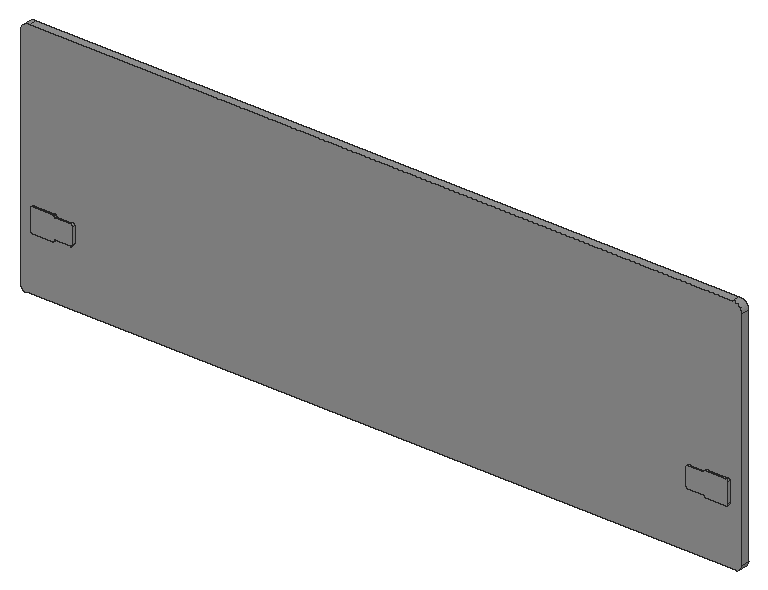
Revit family "Haworth_HATElements_Screen_Frameless_AP_PRELIMINARY", category Furniture, Revit 2019
Family settings
  Work Plane-Based = No
  Always vertical = Yes
  Cut with Voids When Loaded = No
  Shared = No
  Room Calculation Point = No
Parameters (values of type "Screen - Frameless")
  URL - Product = "https://www.haworth.com/ap/en/products/office-desks/hat-elements.html"
  Warranty = "http://www.haworth.com/resources/product-info/warranties"
  URL = "https://www.haworth.com/ap/en.html"
  Standing Kit = not(Hanged Kit)  # no
  Standard Widths = "1200, 1400, 1500, 1600, 1800 mm"  # constant formula
  Size = "Verify Final Dim. w/Haworth"  # constant formula
  Screen Finish [instance] = Haworth _ Fabric _ Undecided _ Screen
  Revision Number = "1"  # constant formula
  Model = "SYELXXXXXX"  # constant formula
  Manufacturer = "Haworth, Inc."  # constant formula
  Hanged Kit = yes
  Fixing Kit Finish = Haworth _ Polymer _ Undecided
  Description = "Haworth - HAT Elements - Screen Frameless"  # constant formula
  Author = "Haworth (Abd Rahman)"  # constant formula
  Actual Width = 1800 mm
  Actual Height = 600 mm
  Actual Depth = 20 mm  # constant formula
Reference planes
  plane 1: y = 0
  plane 2: z = 0
  plane 3 "Center (Left/Right)": x = 0
  plane 4: x = -900
  plane 5: z = 612
  plane 6: x = 900
  plane 7: y = 20
  plane 8: z = 1212
  plane 9: y = 10
  plane 10: x = 870
  plane 11: x = -870
  plane 12: z = 752
  plane 13: z = 542
Forms (mm)
  Extrusion 1, solid, material "Haworth _ Fabric _ Undecided _ Screen" <- "Screen Finish"
    sketch origin (0, 0, -20) x (1, 0, 0) y (0, 0, 1)
      loop
        arc (900, 1209) -> (893.263, 1225.263) -> (877, 1232) r 23
        line (877, 1232) -> (-877, 1232)
        arc (-877, 1232) -> (-893.263, 1225.263) -> (-900, 1209) r 23
        line (-900, 1209) -> (-900, 647)
        arc (-900, 647) -> (-895.607, 636.393) -> (-885, 632) r 15
        line (-885, 632) -> (885, 632)
        arc (885, 632) -> (895.607, 636.393) -> (900, 647) r 15
        line (900, 647) -> (900, 1209)
    from -20 to 0
Lines and regions (mm)
  Masking region 1
    outline origin (0, 0, 0) x (1, 0, 0) y (0, 1, 0)
      loop
        line (-900, 20) -> (-900, 0) -> (900, 0) -> (900, 20) -> (-900, 20)
Dimensions and locks
  equal spacing: plane 4, plane 3 "Center (Left/Right)", plane 6
  "Actual Width": plane 4 to plane 6
  "Actual Depth": plane 7 to plane 1
  equal spacing: plane 7, plane 9, plane 1
  "Actual Height": plane 8 to plane 5  (x2)
  locked: plane 10 to plane 6 at 30
  locked: plane 11 to plane 4 at 30
  nested 1 to nested 1 = 20.5 mm
  locked: plane 12 to plane 5 at 140
  locked: plane 5 to plane 13 at 70  (x2)
  aligned and locked: plane 2 to level
  aligned and locked: nested 1 to plane 9
  aligned and locked: Extrusion 1 to plane 4
  aligned and locked: plane 8 to Extrusion 1
  aligned and locked: plane 6 to Extrusion 1
  aligned and locked: Extrusion 1 to plane 5
  aligned and locked: plane 1 to Extrusion 1
  aligned and locked: plane 7 to Extrusion 1
  aligned and locked: nested 2 to plane 11
  aligned and locked: nested 2 to plane 12
  aligned and locked: nested 1 to plane 11
  aligned and locked: nested 2 to plane 1
  aligned and locked: plane 10 to nested 3
  aligned and locked: plane 10 to nested 4
  aligned and locked: plane 12 to nested 4
  aligned and locked: plane 1 to nested 4
  aligned and locked: plane 13 to nested 3
  aligned and locked: nested 1 to plane 13
  aligned and locked: plane 4 to Masking region 1 sketch curve
  aligned and locked: Masking region 1 sketch curve to plane 7
  aligned and locked: Masking region 1 sketch curve to plane 1
  aligned and locked: Masking region 1 sketch curve to plane 6
Automatic sketch dimensions
  Extrusion 1 sketch curve to plane 4 = 0 mm
  Extrusion 1 sketch curve to plane 8 = 0 mm
  plane 6 to Extrusion 1 sketch curve = 0 mm
  plane 4 to Extrusion 1 sketch curve = 23 mm
  Extrusion 1 sketch curve to Extrusion 1 sketch curve = 15 mm  (x2)
  Extrusion 1 sketch curve to plane 6 = 23 mm
  level to Extrusion 1 sketch curve = 627 mm
Nested families
  nested 1: "Haworth_HATElements_Screen_StandingKit-PART" at (-846.204, 9.75, 200.5), visible <- "Standing Kit", type "Standing Fix Kit"
  nested 2: "Haworth_HATElements_Screen_HangedKit-PART" at (-817.5, -2.75, 410.5), visible <- "Hanged Kit", type "Hanging Fix Kit"
    with Large no
  nested 3: "Haworth_HATElements_Screen_StandingKit-PART" at (846.204, 9.75, 200.5) x (-1, 0, 0) z (0, 0, 1), visible <- "Standing Kit", type "Standing Fix Kit"
  nested 4: "Haworth_HATElements_Screen_HangedKit-PART" at (817.5, -2.75, 410.5) x (-1, 0, 0) z (0, 0, 1), visible <- "Hanged Kit", type "Hanging Fix Kit"
    with Large no
Definition of nested family "Haworth_HATElements_Screen_StandingKit-PART"
  Parameters (values of type "Standing Fix Kit")
    URL - Product = ""
    Warranty = "https://www.haworth.com/resources/product-info/warranties"
    URL = "https://www.haworth.com/eu/en.html"
    Trim Finish = none
    Size = "Verify Final Dim. w/Haworth"  # constant formula
    Revision Number = "1"  # constant formula
    Model = "Haworth - HAT Elements"  # constant formula
    Manufacturer = "Haworth, Inc."  # constant formula
    Description = "Haworth - HAT Elements"  # constant formula
    Author = "Haworth (Abd Rahman)"  # constant formula
    Actual Height = 190 mm  # constant formula
  Reference planes
    plane 1: y = 0.25
    plane 2: z = 0
    plane 3 "Center (Left/Right)": x = 0
    plane 4: y = 55.5
    plane 5: y = -55
    plane 6: x = -23.796
    plane 7: x = 21.204
    plane 8: z = 341.5
    plane 9: z = 531.5
  Forms (mm)
    Extrusion 1, solid, material <- "Trim Finish"
      sketch origin (6839.704, 13500.25, 0) x (0, 1, 0) y (0, 0, 1)
        loop
          arc (-13489.5, 346.5) -> (-13488.035, 342.964) -> (-13484.5, 341.5) r 5
          line (-13484.5, 341.5) -> (-13444.5, 341.5) -> (-13444.5, 346.5) -> (-13484.5, 346.5) -> (-13484.5, 509.495) -> (-13489.5, 509.495) -> (-13489.5, 346.5)
      from -6860.481 to -6820.481
    Extrusion 2, solid, material <- "Trim Finish"
      sketch origin (6839.704, 13500.25, 0) x (1, 0, 0) y (0, 0, 1)
        loop
          arc (-6818.5, 523.953) -> (-6820.857, 529.643) -> (-6826.546, 531.999) r 8.046
          line (-6826.546, 531.999) -> (-6855.316, 531.999)
          arc (-6855.316, 531.999) -> (-6861.103, 529.602) -> (-6863.5, 523.815) r 8.184
          line (-6863.5, 523.815) -> (-6863.5, 400.999) -> (-6818.5, 400.999) -> (-6818.5, 523.953)
      from 13480.6 to 13488
    Extrusion 3, solid, material <- "Trim Finish"
      sketch origin (6839.704, -13499.75, 0) x (0, -1, 0) y (0, 0, -1)
        loop
          line (-13490, -346.5) -> (-13490, -509.495) -> (-13485, -509.495) -> (-13485, -346.5) -> (-13445, -346.5) -> (-13445, -341.5) -> (-13485, -341.5)
          arc (-13485, -341.5) -> (-13488.536, -342.964) -> (-13490, -346.5) r 5
      from -6860.481 to -6820.481
    Extrusion 4, solid, material <- "Trim Finish"
      sketch origin (6839.704, -13499.75, 0) x (1, 0, 0) y (0, 0, -1)
        loop
          line (-6818.5, -523.953) -> (-6818.5, -400.999) -> (-6863.5, -400.999) -> (-6863.5, -523.815)
          arc (-6863.5, -523.815) -> (-6861.103, -529.602) -> (-6855.316, -531.999) r 8.184
          line (-6855.316, -531.999) -> (-6826.546, -531.999)
          arc (-6826.546, -531.999) -> (-6820.857, -529.643) -> (-6818.5, -523.953) r 8.046
      from 13480.6 to 13488
    Extrusion 5, void
      sketch origin (0, 0, 0) x (1, 0, 0) y (0, 1, 0)
        loop
          arc (-16.818, -54.75) -> (-19.618, -53.59) -> (-20.777, -50.791) r 3.959
          line (-20.777, -50.791) -> (-23.239, -50.791) -> (-23.239, -57.863) -> (24.899, -57.863) -> (24.899, -50.791) -> (19.223, -50.791)
          arc (19.223, -50.791) -> (18.063, -53.59) -> (15.264, -54.75) r 3.959
          line (15.264, -54.75) -> (-16.818, -54.75)
      from 299.184 to 388.019
    Extrusion 6, void
      sketch origin (0, 0, 0) x (1, 0, 0) y (0, 1, 0)
        loop
          line (-16.818, 55.751) -> (15.264, 55.751)
          arc (15.264, 55.751) -> (18.063, 54.591) -> (19.223, 51.792) r 3.959
          line (19.223, 51.792) -> (24.899, 51.792) -> (24.899, 58.864) -> (-23.239, 58.864) -> (-23.239, 51.792) -> (-20.777, 51.792)
          arc (-20.777, 51.792) -> (-19.618, 54.591) -> (-16.818, 55.751) r 3.959
      from 326.326 to 368.785
  Cuts and joins
    Extrusion 5 cuts Extrusion 3
    joined: Extrusion 3, Extrusion 4
    Extrusion 6 cuts Extrusion 1
    joined: Extrusion 1, Extrusion 2
  Lines and regions (mm)
    Masking region 1
      outline origin (0, 0, 0) x (1, 0, 0) y (0, 1, 0)
        loop
          line (-20.777, -54.5) -> (19.223, -54.5) -> (19.223, -19.15) -> (21.204, -19.15) -> (21.204, -11.75) -> (19.223, -11.75) -> (19.223, -9.75) -> (-20.777, -9.75) -> (-20.777, -11.75) -> (-23.796, -11.75) -> (-23.796, -19.15) -> (-20.777, -19.15) -> (-20.777, -54.5)
        loop
          line (-20.777, 55.625) -> (-20.777, 20.275) -> (-23.796, 20.275) -> (-23.796, 12.875) -> (-20.777, 12.875) -> (-20.777, 10.875) -> (19.223, 10.875) -> (19.223, 12.875) -> (21.204, 12.875) -> (21.204, 20.275) -> (19.223, 20.275) -> (19.223, 55.625) -> (-20.777, 55.625)
  Dimensions and locks
    equal spacing: plane 4, plane 1, plane 5
    plane 6 to plane 3 "Center (Left/Right)" to plane 7 = 23.796 mm, 21.204 mm
    "Actual Height": plane 9 to plane 8
    aligned and locked: plane 2 to level
  Automatic sketch dimensions
    Extrusion 1 sketch curve to Extrusion 1 sketch curve = 5 mm
    Extrusion 1 sketch curve to Extrusion 1 sketch curve = 0 mm  (x2)
    Extrusion 1 sketch curve to Extrusion 1 sketch curve = 40 mm
    Extrusion 2 sketch curve to Extrusion 2 sketch curve = 8.184 mm
    Extrusion 2 sketch curve to Extrusion 2 sketch curve = 28.769 mm
    Extrusion 2 sketch curve to Extrusion 2 sketch curve = 45 mm
    Extrusion 2 sketch curve to Extrusion 2 sketch curve = 122.816 mm
    Extrusion 3 sketch curve to plane 1 = 55 mm
    Extrusion 3 sketch curve to Extrusion 3 sketch curve = 0 mm  (x2)
    Extrusion 4 sketch curve to Extrusion 4 sketch curve = 8.184 mm
    Extrusion 4 sketch curve to Extrusion 4 sketch curve = 28.769 mm
    Extrusion 4 sketch curve to Extrusion 4 sketch curve = 45 mm
    Extrusion 4 sketch curve to Extrusion 4 sketch curve = 122.954 mm
    Extrusion 1 sketch curve to plane 1 = 10.5 mm
    Extrusion 3 sketch curve to plane 1 = 15 mm
    Extrusion 3 sketch curve to Extrusion 3 sketch curve = 5 mm
    Extrusion 2 sketch curve to plane 3 "Center (Left/Right)" = 23.796 mm
    Extrusion 4 sketch curve to plane 3 "Center (Left/Right)" = 23.796 mm
    Masking region 1 sketch curve to plane 6 = 0 mm  (x2)
    Masking region 1 sketch curve to plane 7 = 0 mm  (x2)
    Masking region 1 sketch curve to plane 6 = 3.019 mm  (x4)
    plane 5 to Masking region 1 sketch curve = 0.5 mm
    Masking region 1 sketch curve to Masking region 1 sketch curve = 1.981 mm  (x2)
    plane 4 to Masking region 1 sketch curve = 0.125 mm
    plane 7 to Masking region 1 sketch curve = 1.981 mm  (x2)
    plane 1 to Masking region 1 sketch curve = 19.4 mm  (x2)
    Masking region 1 sketch curve to Masking region 1 sketch curve = 7.4 mm  (x4)
    Masking region 1 sketch curve to Masking region 1 sketch curve = 2 mm  (x3)
    Masking region 1 sketch curve to plane 1 = 10.625 mm
    Extrusion 5 sketch curve to plane 6 = 0.558 mm
    Extrusion 5 sketch curve to Extrusion 5 sketch curve = 2.461 mm
    plane 5 to Extrusion 5 sketch curve = 0.25 mm
    Extrusion 5 sketch curve to Extrusion 5 sketch curve = 3.959 mm
    plane 7 to Extrusion 5 sketch curve = 5.94 mm
    plane 7 to Extrusion 5 sketch curve = 1.981 mm
    Extrusion 5 sketch curve to plane 7 = 3.695 mm
    Extrusion 5 sketch curve to plane 5 = 2.863 mm
    Extrusion 6 sketch curve to plane 6 = 0.558 mm
    Extrusion 6 sketch curve to Extrusion 6 sketch curve = 2.461 mm
    Extrusion 6 sketch curve to Extrusion 6 sketch curve = 3.959 mm
    plane 7 to Extrusion 6 sketch curve = 5.94 mm
    plane 7 to Extrusion 6 sketch curve = 1.981 mm
    Extrusion 6 sketch curve to plane 7 = 3.695 mm
    Extrusion 6 sketch curve to plane 4 = 3.709 mm
    plane 4 to Extrusion 6 sketch curve = 3.364 mm
    level to Extrusion 1 sketch curve = 341.5 mm
    Extrusion 1 sketch curve to Extrusion 1 sketch curve = 162.995 mm
    level to Extrusion 2 sketch curve = 400.999 mm
    Extrusion 3 sketch curve to level = 341.5 mm
    Extrusion 3 sketch curve to Extrusion 3 sketch curve = 162.995 mm
    level to Extrusion 4 sketch curve = 531.999 mm
Definition of nested family "Haworth_HATElements_Screen_HangedKit-PART"
  Parameters (values of type "Hanging Fix Kit")
    URL - Product = ""
    Warranty = "https://www.haworth.com/resources/product-info/warranties"
    URL = "https://www.haworth.com/eu/en.html"
    Trim Finish = none
    Small = yes
    Size = "Verify Final Dim. w/Haworth"  # constant formula
    Revision Number = "1"  # constant formula
    Model = "Haworth - HAT Elements"  # constant formula
    Manufacturer = "Haworth, Inc."  # constant formula
    Large = yes
    Description = "Haworth - HAT Elements"  # constant formula
    Author = "Haworth (Abd Rahman)"  # constant formula
    Actual Height = 60 mm  # constant formula
  Reference planes
    plane 1: y = 0.25
    plane 2: z = 0
    plane 3 "Center (Left/Right)": x = 0
    plane 4: z = 341.5
    plane 5: z = 401.5
    plane 6: x = 78.999
    plane 7: x = -81
    plane 8: y = -2.25
    plane 9: y = 6.861
  Forms (mm)
    Extrusion 1, solid, material <- "Trim Finish", visible <- "Large"
      sketch origin (4168.1, 362.537, 0) x (1, 0, 0) y (0, 1, 0)
        loop
          line (-4089.1, -364.75) -> (-4089.1, -359.75) -> (-4247.1, -359.75) -> (-4247.104, -357.678) -> (-4243.034, -357.543) -> (-4243.104, -355.541) -> (-4246.973, -355.676)
          arc (-4246.973, -355.676) -> (-4248.481, -356.347) -> (-4249.1, -357.879) r 2.204
          line (-4249.1, -357.879) -> (-4249.1, -362.562)
          arc (-4249.1, -362.562) -> (-4248.459, -364.109) -> (-4246.913, -364.75) r 2.187
          line (-4246.913, -364.75) -> (-4089.1, -364.75)
      from 341.5 to 400.5
    Extrusion 2, void
      sketch origin (4168.1, 362.787, 0) x (1, 0, 0) y (0, 0, 1)
        loop
          arc (-4091.1, 395.5) -> (-4089.686, 394.914) -> (-4089.1, 393.5) r 2
          line (-4089.1, 393.5) -> (-4089.1, 348.469)
          arc (-4089.1, 348.469) -> (-4089.677, 347.077) -> (-4091.069, 346.5) r 1.969
          line (-4091.069, 346.5) -> (-4160.1, 346.5)
          arc (-4160.1, 346.5) -> (-4161.564, 342.964) -> (-4165.1, 341.5) r 5
          line (-4165.1, 341.5) -> (-4165.1, 335.5) -> (-4085.1, 335.5) -> (-4085.1, 410.5) -> (-4165.1, 410.5) -> (-4165.1, 400.5)
          arc (-4165.1, 400.5) -> (-4161.564, 399.036) -> (-4160.1, 395.5) r 5
          line (-4160.1, 395.5) -> (-4091.1, 395.5)
      from 323.945 to 408.722
    Extrusion 3, solid, material <- "Trim Finish", visible <- "Small"
      sketch origin (2708.5, -1439.5, 0) x (1, 0, 0) y (0, 0, 1)
        loop
          arc (-2761, 346) -> (-2759.536, 342.464) -> (-2756, 341) r 5
          line (-2756, 341) -> (-2706, 341)
          arc (-2706, 341) -> (-2702.464, 342.464) -> (-2701, 346) r 5
          line (-2701, 346) -> (-2661, 346)
          arc (-2661, 346) -> (-2657.464, 347.464) -> (-2656, 351) r 5
          line (-2656, 351) -> (-2656, 391)
          arc (-2656, 391) -> (-2657.464, 394.536) -> (-2661, 396) r 5
          line (-2661, 396) -> (-2701, 396)
          arc (-2701, 396) -> (-2702.464, 399.536) -> (-2706, 401) r 5
          line (-2706, 401) -> (-2756, 401)
          arc (-2756, 401) -> (-2759.536, 399.536) -> (-2761, 396) r 5
          line (-2761, 396) -> (-2761, 346)
      from -1442.25 to -1437.25
  Cuts and joins
    Extrusion 2 cuts Extrusion 1
  Lines and regions (mm)
    Masking region 1, visible <- "Large"
      outline origin (0, 0, 0) x (1, 0, 0) y (0, 1, 0)
        loop
          line (-78.813, -2.213) -> (78.999, -2.213) -> (78.999, 2.787) -> (-79, 2.787) -> (-79.003, 4.859) -> (-74.934, 4.994) -> (-75.004, 6.996) -> (-78.873, 6.861)
          arc (-78.873, 6.861) -> (-80.381, 6.189) -> (-81, 4.658) r 2.204
          line (-81, 4.658) -> (-81, -0.026)
          arc (-81, -0.026) -> (-80.359, -1.573) -> (-78.813, -2.213) r 2.187
    Masking region 2, visible <- "Small"
      outline origin (0, -22.5, 0) x (1, 0, 0) y (0, 1, 0)
        loop
          line (-52.5, 25.25) -> (-52.5, 20.25) -> (52.5, 20.25) -> (52.5, 25.25) -> (-52.5, 25.25)
  Dimensions and locks
    "Actual Height": plane 5 to plane 4
    plane 9 to plane 1 to plane 8 = 6.611 mm, 2.5 mm
    plane 7 to plane 3 "Center (Left/Right)" to plane 6 = 81 mm, 78.999 mm
    aligned and locked: plane 2 to level
  Automatic sketch dimensions
    Extrusion 1 sketch curve to plane 1 = 2.537 mm
    plane 1 to Extrusion 1 sketch curve = 0.276 mm
    Extrusion 1 sketch curve to plane 1 = 4.609 mm
    Extrusion 1 sketch curve to Extrusion 1 sketch curve = 1.997 mm
    Extrusion 1 sketch curve to Extrusion 1 sketch curve = 0.003 mm
    Extrusion 1 sketch curve to plane 1 = 6.611 mm
    Extrusion 1 sketch curve to Extrusion 1 sketch curve = 0.131 mm
    Extrusion 1 sketch curve to Extrusion 1 sketch curve = 2.187 mm  (x2)
    Extrusion 1 sketch curve to Extrusion 1 sketch curve = 0.208 mm
    Extrusion 1 sketch curve to plane 1 = 6.746 mm
    Extrusion 1 sketch curve to Extrusion 1 sketch curve = 3.869 mm
    Extrusion 1 sketch curve to plane 1 = 4.744 mm
    Extrusion 1 sketch curve to Extrusion 1 sketch curve = 0.07 mm
    Extrusion 1 sketch curve to Extrusion 1 sketch curve = 5 mm
    plane 4 to Extrusion 2 sketch curve = 0 mm
    Extrusion 2 sketch curve to Extrusion 2 sketch curve = 5 mm
    Extrusion 2 sketch curve to plane 4 = 5 mm
    plane 5 to Extrusion 2 sketch curve = 8 mm
    Extrusion 2 sketch curve to Extrusion 2 sketch curve = 69 mm
    Extrusion 2 sketch curve to Extrusion 2 sketch curve = 0.031 mm
    Extrusion 2 sketch curve to Extrusion 2 sketch curve = 1.969 mm
    plane 4 to Extrusion 2 sketch curve = 6 mm
    Extrusion 2 sketch curve to Extrusion 2 sketch curve = 5.969 mm
    Extrusion 2 sketch curve to plane 5 = 9 mm
    plane 5 to Extrusion 3 sketch curve = 5.5 mm  (x2)
    Extrusion 3 sketch curve to Extrusion 3 sketch curve = 5 mm  (x3)
    plane 5 to Extrusion 3 sketch curve = 0.5 mm
    Extrusion 3 sketch curve to Extrusion 3 sketch curve = 50 mm
    Extrusion 3 sketch curve to plane 4 = 4.5 mm
    Extrusion 3 sketch curve to Extrusion 3 sketch curve = 0 mm
    plane 5 to Extrusion 3 sketch curve = 10.5 mm
    Extrusion 3 sketch curve to Extrusion 3 sketch curve = 40 mm
    plane 1 to Masking region 1 sketch curve = 0.276 mm
    Masking region 1 sketch curve to plane 1 = 4.609 mm
    Masking region 1 sketch curve to Masking region 1 sketch curve = 1.997 mm
    Masking region 1 sketch curve to Masking region 1 sketch curve = 0.003 mm
    Masking region 1 sketch curve to plane 1 = 6.611 mm
    Masking region 1 sketch curve to Masking region 1 sketch curve = 0.131 mm
    Masking region 1 sketch curve to Masking region 1 sketch curve = 2.187 mm  (x2)
    Masking region 1 sketch curve to Masking region 1 sketch curve = 0.208 mm
    Masking region 1 sketch curve to plane 1 = 6.746 mm
    Masking region 1 sketch curve to Masking region 1 sketch curve = 3.869 mm
    Masking region 1 sketch curve to plane 1 = 4.744 mm
    Masking region 1 sketch curve to Masking region 1 sketch curve = 0.07 mm
    plane 1 to Masking region 1 sketch curve = 2.464 mm
    Masking region 1 sketch curve to plane 1 = 2.537 mm
    plane 1 to Masking region 2 sketch curve = 2.5 mm
    Masking region 2 sketch curve to Masking region 2 sketch curve = 5 mm
    plane 3 "Center (Left/Right)" to Extrusion 1 sketch curve = 79 mm
    plane 3 "Center (Left/Right)" to Extrusion 2 sketch curve = 3 mm  (x2)
    plane 3 "Center (Left/Right)" to Masking region 1 sketch curve = 78.999 mm
    plane 3 "Center (Left/Right)" to Masking region 2 sketch curve = 52.5 mm
    Extrusion 1 sketch curve to plane 3 "Center (Left/Right)" = 74.934 mm
    Extrusion 3 sketch curve to plane 3 "Center (Left/Right)" = 52.5 mm
    Masking region 1 sketch curve to plane 3 "Center (Left/Right)" = 74.934 mm
    Masking region 2 sketch curve to plane 3 "Center (Left/Right)" = 52.5 mm
